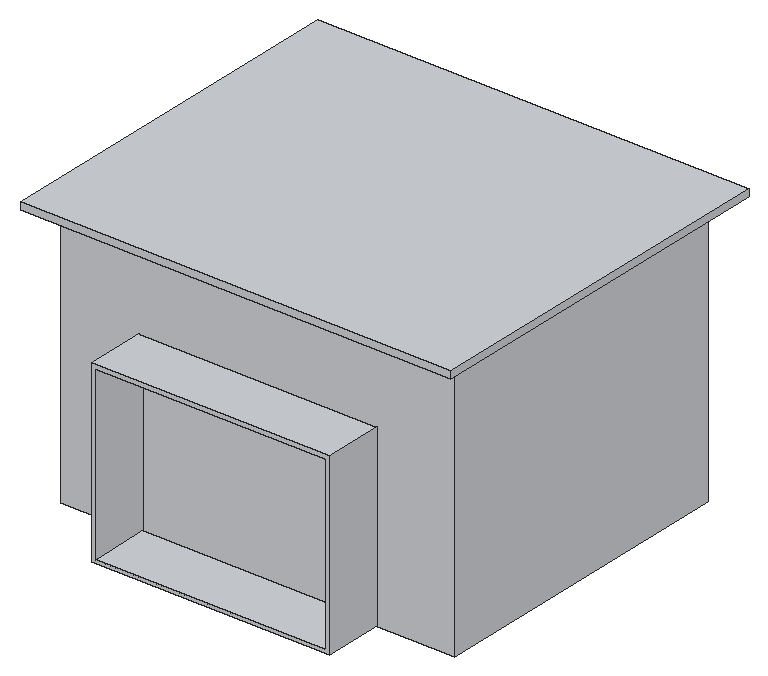
Revit family "TF-1", category Mechanical Equipment, host Face, Revit 2025
Family settings
  Host = Face
  Round Connector Dimension = Use Diameter
  Classification = None
  Part Type = Normal
  Cut with Voids When Loaded = Yes
  Maintain Annotation Orientation = Yes
  Shared = No
  Room Calculation Point = No
Parameters (values of type "SP-A125")
  g_t = 1/8"
  g_H = 1/4"
  g_B = 14 1/2"
  g_A = 12 1/2"
  URL = "https://www.greenheck.com/shop/browse-by-product-model/ceiling-exhaust-fans/sp-a/sp-a125"
  Model = "SP-A125"
  Manufacturer = "GREENHECK"
  Flow = 0 CFM
  E = 6"
  Default Elevation = 48"
  D = 8"
  C = 9"
  B = 10 5/8"
  A = 13 1/4"
Reference planes (in)
  plane 1 "Center (Front/Back)": y = 0
  plane 2: z = 0
  plane 3 "Center (Left/Right)": x = 0
  plane 4: z = -9
  plane 5: z = 0.25
  plane 6 "A Face": y = -5.3125
  plane 7: y = -7.3125
Forms (in)
  Extrusion 1, solid
    sketch origin (0, 0, 0) x (1, 0, 0) y (0, 1, 0)
      loop
        line (-6.625, 5.3125) -> (-6.625, -5.3125) -> (6.625, -5.3125) -> (6.625, 5.3125) -> (-6.625, 5.3125)
    from 0 to -9
  Extrusion 2, solid
    sketch origin (0, 0, 0) x (1, 0, 0) y (0, 1, 0)
      loop
        line (-7.25, 6.25) -> (-7.25, -6.25) -> (7.25, -6.25) -> (7.25, 6.25) -> (-7.25, 6.25)
    from 0 to 0.25
  Extrusion 3, solid
    sketch origin (0, -5.3125, 0) x (-1, 0, 0) y (0, 0, 1)
      loop
        line (4, -9) -> (4, -3) -> (-4, -3) -> (-4, -9) -> (4, -9)
      loop
        line (3.875, -3.125) -> (-3.875, -3.125) -> (-3.875, -8.875) -> (3.875, -8.875) -> (3.875, -3.125)
    from 0 to -2
Dimensions and locks (in)
  equal spacing: Extrusion 1 sketch curve, plane 3 "Center (Left/Right)", Extrusion 1 sketch curve
  equal spacing: Extrusion 1 sketch curve, plane 1 "Center (Front/Back)", Extrusion 1 sketch curve
  "B": Extrusion 1 sketch curve to Extrusion 1 sketch curve
  "A": Extrusion 1 sketch curve to Extrusion 1 sketch curve
  "C": plane 2 to plane 4
  equal spacing: Extrusion 2 sketch curve, plane 3 "Center (Left/Right)", Extrusion 2 sketch curve
  equal spacing: Extrusion 2 sketch curve, plane 1 "Center (Front/Back)", Extrusion 2 sketch curve
  "g_A": Extrusion 2 sketch curve to Extrusion 2 sketch curve
  "g_B": Extrusion 2 sketch curve to Extrusion 2 sketch curve
  "g_H": plane 5 to plane 2
  equal spacing: Extrusion 3 sketch curve, plane 3 "Center (Left/Right)", Extrusion 3 sketch curve
  "D": Extrusion 3 sketch curve to Extrusion 3 sketch curve
  "E": Extrusion 3 sketch curve to plane 4
  "g_t": Extrusion 3 sketch curve to Extrusion 3 sketch curve  (x3)
  "g_t": Extrusion 3 sketch curve to plane 4
  plane 6 "A Face" to plane 7 = 2"
  aligned and locked: plane 2 to host face
  aligned and locked: level to host face
  aligned and locked: plane 4 to Extrusion 1
  aligned and locked: plane 5 to Extrusion 2
  aligned and locked: plane 6 "A Face" to Extrusion 1
  aligned and locked: Extrusion 3 sketch curve to plane 4
  aligned and locked: Extrusion 3 to plane 7
Automatic sketch dimensions
  host sketch curve to host sketch curve = 96"  (x2)
Connectors (in)
  hvac at (0, -7.3125, -6), driven by "Flow"
    settings: on Extrusion 3, index 1, duct flow 0 CFM, flow factor 0, pres drop 0.00 in-wg, loss coef 0, conn angle 0.00°, conn width 8", conn height 6", conn diameter 24", duct sys type 3, conn prof type 1, flow config 0, flow direction 0, loss method 4, conn ref index -1, conn util no, is conn primary yes, conn desc ""
